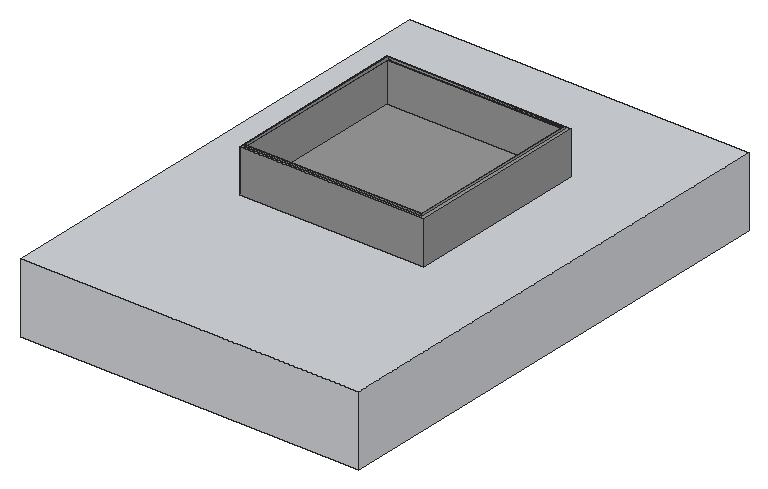
Revit family "Hager-Univers-IP30-D205-H800-Cl.II-Encl-NL-en", category Equipement électrique, Revit 2020
Family settings
  Hôte = Face
  Configuration du panneau = Deux colonnes, circuits au sein
  Cote de connecteur circulaire = Utiliser le diamètre
  Type d'élément = Tableau de raccordement
  Couper avec des vides une fois chargée = Non
  Partagée = Non
  Point de calcul de pièce = Non
Parameters (values of type "Surface mounted (plaster) IP30 W800 H800 D205  - FP53Q1S")
  Width Control [instance] = if([EF000008 - Width] > Min Width, [EF000008 - Width], Min Width)  # 800 mm
  Commentaires du type = [HG000003 - Range]  # "Univers"
  Thickness Door [instance] = if([EF009171 - Material plate thickness door/cover] > 3 mm, 3 mm, [EF009171 - Material plate thickness door/cover])  # 1 mm
  Seal Frame Offset [instance] = 17 mm  # constant formula
  Plinth Visibility [instance] = [HG000027 - Plinth height] > 0 mm  # no
  Model = ""
  Min Width [instance] = 100 mm  # constant formula
  Min Height [instance] = 100 mm  # constant formula
  Min Depth [instance] = (2 * [EF009170 - Material plate thickness cabinet]) + 1 mm  # 3 mm
  Internal Frame Depth [instance] = (Door System Depth * 0.5)  # 9 mm
  Height Control [instance] = if([EF000040 - Height] > Min Height, [EF000040 - Height], Min Height)  # 800 mm
  HG000027 - Plinth height = 0 mm
  HG000026 - Floor standing = no
  HG000024 - Bottom section height = 800 mm
  HG000023 - Double section enclosure = no
  HG000016 - Door 3d visibility [instance] = yes
  HG000015 - Clearance visibility [instance] = no
  HG000014 - Door on the right [instance] = yes
  HG000013 - Door on the left [instance] = not([HG000014 - Door on the right])  # no
  HG000012 - Door swing angle [instance] = 30.00°
  HG000010 - Asymmetric doors = no
  HG000009 - Double swing door = no
  HG000006 - Flush mounted = no
  HG000004 - Manufacturer reference = "FP53Q1S"
  HG000003 - Range = "Univers"
  HG000002 - With door or cover = no
  Frame Offset Bottom [instance] = 10 mm  # constant formula
  Frame Offset [instance] = 15 mm  # constant formula
  EF015940 - Cover with overpressure release = no
  EF011959 - Degree of protection (NEMA) = ""
  EF009554 - Number of openings for flange plates = 6
  EF009212 - Cover model = "EV009916 - With notch"
  EF009171 - Material plate thickness door/cover = 1 mm
  EF009170 - Material plate thickness cabinet = 1 mm
  Fabricant = "Hager"  # constant formula
  EF008873 - Nominal current (In) = 250 A
  EF007800 - Suitable for lightning protection = no
  EF006306 - With lock = no
  EF006244 - Transparent cover/door = no
  EF005474 - Degree of protection (IP) = "EV006410 - IP30"
  EF004464 - Type of door = "EV000494 - None"
  EF004427 - Number of modules = 180
  EF004293 - Impact strength = "EV006813 - IK07"
  EF003532 - Suitable for outdoor use = no
  EF002950 - Width in number of modular spacings = 36
  EF001613 - Circuit integrity = "EV000494 - None"
  EF001596 - Material housing = "EV000179 - Steel"
  EF001131 - Internal depth = 130 mm
  EF001088 - Extension possible = yes
  EF000437 - Number of conduit inlets = 6
  EF000339 - Type of cover = "EV000494 - None"
  EF000266 - Number of rows = 5
  EF000218 - Built-in depth = 0 mm
  EF000118 - With mounting plate = no
  EF000116 - RAL-number = "9010"
  EF000049 - Depth = 205 mm
  EF000040 - Height = 800 mm
  EF000008 - Width = 800 mm
  EF000007 - Colour = "EV000202 - White"
  EF000003 - Mounting method = "EV000384 - Surface mounted (plaster)"
  Door System Leaf Tolerance [instance] = 1.5 mm  # constant formula
  Door System Depth [instance] = 18 mm  # constant formula
  Door Height [instance] = Height Control - [HG000027 - Plinth height]  # 800 mm
  Depth Control [instance] = if([EF000049 - Depth] > Min Depth, [EF000049 - Depth], Min Depth)  # 205 mm
  Default Elevation = 0 mm
  Connector Offset [instance] = Height Control / 2  # 400 mm
  Bottom Top Plate Trim [instance] = 1.5 mm  # constant formula
  Plinth height Ctrl [instance] = if([HG000027 - Plinth height] > 0 mm, [HG000027 - Plinth height], 12 mm)  # 12 mm
Types (5, lengths in mm): name | Width Control | HG000004 - Manufacturer reference | EF009554 - Number of openings for flange plates | EF004427 - Number of modules | EF002950 - Width in number of modular spacings | EF000437 - Number of conduit inlets | EF000008 - Width
  Surface mounted (plaster) IP30 W1050 H800 D205  - FP54Q1S | 1050 | "FP54Q1S" | 8 | 240 | 48 | 8 | 1050
  Surface mounted (plaster) IP30 W1300 H800 D205  - FP55Q1S | 1300 | "FP55Q1S" | 10 | 300 | 60 | 10 | 1300
  Surface mounted (plaster) IP30 W300 H800 D205  - FP51Q1S | 300 | "FP51Q1S" | 2 | 60 | 12 | 2 | 300
  Surface mounted (plaster) IP30 W550 H800 D205  - FP52Q1S | 550 | "FP52Q1S" | 4 | 120 | 24 | 4 | 550
  Surface mounted (plaster) IP30 W800 H800 D205  - FP53Q1S | 800 | "FP53Q1S" | 6 | 180 | 36 | 6 | 800
Reference planes
  plane 1 "Center (Front/Back)": y = 0
  plane 2: z = 0
  plane 3 "Center (Left/Right)": x = 0
  plane 4: z = 205
  plane 5: y = 1
  plane 6: y = 400
  plane 7: y = 0
  plane 8: y = 800
  plane 9: z = 0
  plane 10: x = -385
  plane 11: x = 385
  plane 12: x = 384
  plane 13: x = -384
  plane 14: y = 799
  plane 15: x = -383
  plane 16: x = -400
  plane 17: x = 383
  plane 18: x = 400
  plane 19: x = 399
  plane 20: x = -399
  plane 21: y = 11
  plane 22: y = 800
  plane 23: y = 784
  plane 24: z = 187
  plane 25: z = 1
  plane 26: z = 186
  plane 27: z = 204
Forms (mm)
  Extrusion 1, solid
    sketch origin (0, 0, 0) x (1, 0, 0) y (0, 1, 0)
      loop
        line (-702.964, 1305) -> (-702.964, -811.445) -> (766.763, -811.445) -> (766.763, 1305) -> (-702.964, 1305)
    from 0 to -304.8
  Extrusion 2, solid, material "Hager_Steel_RAL7035_Light_Grey", visible <- "Plinth Visibility", detail levels medium+fine
    sketch origin (0, 0, 0) x (1, 0, 0) y (0, 1, 0)
      loop
        line (-400, 0) -> (400, 0) -> (400, 12) -> (-400, 12) -> (-400, 0)
    from 0 to 187
  Extrusion 3, solid, material "Hager_Steel_RAL7035_Light_Grey", detail levels medium+fine
    sketch origin (0, 0, 0) x (1, 0, 0) y (0, 1, 0)
      loop
        line (-400, 0) -> (400, 0) -> (400, 800) -> (-400, 800) -> (-400, 0)
    from 0 to 187
  Extrusion 4, void
    sketch origin (0, 0, 0) x (1, 0, 0) y (0, 1, 0)
      loop
        line (-399, 1) -> (399, 1) -> (399, 799) -> (-399, 799) -> (-399, 1)
    from 1 to 186
  Extrusion 5, void
    sketch origin (-381.607, -4572, 187) x (0, -1, 0) y (-1, 0, 0)
      loop
        line (-4583, 2.393) -> (-5356, 2.393) -> (-5356, -765.607) -> (-4583, -765.607) -> (-4583, 2.393)
    from 0 to 1 <- "EF009170 - Material plate thickness cabinet"
  Extrusion 6, solid, material "Hager_Steel_RAL7035_Light_Grey", detail levels fine
    sketch origin (0, 0, 187) x (1, 0, 0) y (0, 1, 0)
      loop
        line (-384, 784) -> (-384, 11) -> (384, 11) -> (384, 784) -> (-384, 784)
      loop
        line (-385, 10) -> (385, 10) -> (385, 785) -> (-385, 785) -> (-385, 10)
    from 0 to 9 <- "Internal Frame Depth"
  Extrusion 7, solid, material "Hager_Steel_RAL7035_Light_Grey", detail levels coarse
    sketch origin (0, 0, 0) x (1, 0, 0) y (0, 1, 0)
      loop
        line (-400, 0) -> (400, 0) -> (400, 800) -> (-400, 800) -> (-400, 0)
    from 0 to 205
  Sweep 8, void
    path in 3D
      loop
        line (-400, 12, 0) -> (400, 12, 0) -> (400, 12, 187) -> (-400, 12, 187) -> (-400, 12, 0)
    profile origin (-400, 12, 93.5) x (-1, 0, 0) y (0, -1, 0)
      loop
        line (0, 0) -> (0, 1.5) -> (-1.5, 1.5)
        arc (-1.5, 1.5) -> (-1.061, 0.439) -> (0, 0) r 1.5
Cuts and joins
  Extrusion 4, Extrusion 5 cuts Extrusion 3
  Sweep 8 cuts Extrusion 2
Lines and regions (mm)
  Masking region 1
    outline origin (0, 0, 0) x (1, 0, 0) y (0, 0, 1)
      loop
        line (-400, 205) -> (-400, 0) -> (400, 0) -> (400, 205) -> (-400, 205)
  Masking region 2, detail levels medium+fine
    outline origin (0, 140, 0) x (0, 1, 0) y (0, 0, 1)
      loop
        line (-140, 0) -> (660, 0) -> (660, 187) -> (-140, 187) -> (-140, 0)
  Masking region 3, not visible, detail levels medium+fine
    outline origin (0, 297.922, 0) x (0, 1, 0) y (0, 0, 1)
      loop
        line (113.578, 0) -> (153.578, 0) -> (153.578, 194)
        arc (153.578, 194) -> (150.649, 201.071) -> (143.578, 204) r 10
        line (143.578, 204) -> (113.578, 204) -> (113.578, 0)
  Masking region 4, detail levels coarse
    outline origin (0, 0, 180) x (0, 1, 0) y (0, 0, 1)
      loop
        line (0, -180) -> (800, -180) -> (800, 25) -> (0, 25) -> (0, -180)
  Masking region 5, visible <- "Plinth Visibility", detail levels medium+fine
    outline origin (0, 52.24, 12.345) x (0, 0, -1) y (0, 1, 0)
      loop
        line (10.845, -40.24) -> (-173.155, -40.24)
        arc (-173.155, -40.24) -> (-173.594, -41.301) -> (-174.655, -41.74) r 1.5
        line (-174.655, -41.74) -> (-174.655, -52.24) -> (12.345, -52.24) -> (12.345, -41.74)
        arc (12.345, -41.74) -> (11.285, -41.301) -> (10.845, -40.24) r 1.5
  Masking region 6, detail levels medium+fine
    outline origin (-381.607, -4572, 187) x (-1, 0, 0) y (0, -1, 0)
      loop
        line (18.393, -5372) -> (18.393, -4572) -> (-781.607, -4572) -> (-781.607, -5372) -> (18.393, -5372)
  Masking region 7, visible <- "Plinth Visibility", detail levels medium+fine
    outline origin (-381.607, -4727, 187) x (-1, 0, 0) y (0, -1, 0)
      loop
        arc (16.893, -4739) -> (17.332, -4737.939) -> (18.393, -4737.5) r 1.5
        line (18.393, -4737.5) -> (18.393, -4727) -> (-781.607, -4727) -> (-781.607, -4737.5)
        arc (-781.607, -4737.5) -> (-780.546, -4737.939) -> (-780.107, -4739) r 1.5
        line (-780.107, -4739) -> (16.893, -4739)
  Masking region 8, detail levels coarse
    outline origin (-442.548, -4669.526, 187) x (-1, 0, 0) y (0, -1, 0)
      loop
        line (-42.548, -5469.526) -> (-42.548, -4669.526) -> (-842.548, -4669.526) -> (-842.548, -5469.526) -> (-42.548, -5469.526)
  sketch lines
    curve 1: line (-400, 12, 187) -> (-400, 12, 0)
    curve 2: line (400, 12, 187) -> (-400, 12, 187)
    curve 3: line (400, 12, 187) -> (400, 12, 0)
    curve 4: line (-400, 12, 0) -> (400, 12, 0)
Dimensions and locks
  "Depth Control": plane 4 to Extrusion 1
  "HG000027 - Plinth height": plane 1 "Center (Front/Back)" to plane 7
  "EF009170 - Material plate thickness cabinet": plane 5 to plane 7
  locked: connector elem to plane 3 "Center (Left/Right)"
  equal spacing: plane 8, plane 6, plane 7
  locked: connector elem to plane 6
  "EF009170 - Material plate thickness cabinet": plane 8 to plane 14
  "EF009170 - Material plate thickness cabinet": plane 10 to plane 13
  "EF009170 - Material plate thickness cabinet": plane 12 to plane 11
  "Frame Offset": plane 20 to plane 13
  "Frame Offset": plane 12 to plane 19
  "EF009170 - Material plate thickness cabinet": plane 16 to plane 20
  "EF009170 - Material plate thickness cabinet": plane 19 to plane 18
  "Seal Frame Offset": plane 16 to plane 15
  "Seal Frame Offset": plane 17 to plane 18
  "Frame Offset Bottom": plane 21 to plane 5
  "Frame Offset": plane 14 to plane 23
  equal spacing: plane 16, plane 3 "Center (Left/Right)", plane 18
  "Width Control": plane 16 to plane 18
  "EF009170 - Material plate thickness cabinet": plane 4 to plane 27
  "EF009170 - Material plate thickness cabinet": plane 24 to plane 26
  "EF009170 - Material plate thickness cabinet": plane 25 to level
  "Door System Depth": plane 4 to plane 24
  "Height Control": plane 1 "Center (Front/Back)" to Extrusion 7 sketch curve
  "Height Control": Masking region 4 sketch curve to plane 1 "Center (Front/Back)"
  "Height Control": plane 1 "Center (Front/Back)" to plane 22
  "Bottom Top Plate Trim": profile plane to Sweep 8 sketch curve
  "Bottom Top Plate Trim": Sweep 8 sketch curve to profile plane
  "Plinth height Ctrl": plane 1 "Center (Front/Back)" to Extrusion 2 sketch curve
  "Plinth height Ctrl": Masking region 5 sketch curve to plane 1 "Center (Front/Back)"
  "Plinth height Ctrl": plane 1 "Center (Front/Back)" to Masking region 7 sketch curve
  "Thickness Door": Extrusion 6 sketch curve to Extrusion 6 sketch curve  (x3)
  "Thickness Door": cut or joined group of Extrusion 3, Extrusion 4, Extrusion 5 to Extrusion 6 sketch curve
  radius of Masking region 3 sketch curve = 10 mm
  "Bottom Top Plate Trim": radius of Masking region 5 sketch curve  (x2)
  "Bottom Top Plate Trim": radius of Sweep 8 sketch curve
  "Bottom Top Plate Trim": radius of Masking region 7 sketch curve  (x2)
  aligned and locked: plane 2 to Extrusion 1
  aligned and locked: level to Extrusion 1
  aligned and locked: level to Masking region 1 sketch curve
  aligned and locked: Masking region 1 sketch curve to plane 18
  aligned and locked: Masking region 1 sketch curve to plane 16
  aligned and locked: plane 7 to Masking region 2 sketch curve
  aligned and locked: level to Masking region 3 sketch curve
  aligned and locked: Masking region 3 sketch curve to plane 27
  aligned and locked: level to Masking region 2 sketch curve
  aligned and locked: plane 1 "Center (Front/Back)" to Extrusion 2 sketch curve
  aligned and locked: Extrusion 3 sketch curve to plane 7
  aligned and locked: plane 16 to Extrusion 3 sketch curve
  aligned and locked: plane 18 to Extrusion 3 sketch curve
  aligned and locked: plane 20 to Extrusion 4 sketch curve
  aligned and locked: plane 19 to Extrusion 4 sketch curve
  aligned and locked: Extrusion 4 sketch curve to plane 5
  aligned and locked: Extrusion 4 to plane 25
  aligned and locked: plane 26 to Extrusion 4
  aligned and locked: plane 24 to Extrusion 3
  aligned and locked: Extrusion 5 sketch curve to plane 21
  aligned and locked: Extrusion 5 sketch curve to plane 13
  aligned and locked: Extrusion 5 sketch curve to plane 12
  aligned and locked: plane 18 to Extrusion 7 sketch curve
  aligned and locked: plane 1 "Center (Front/Back)" to Extrusion 7 sketch curve
  aligned and locked: plane 16 to Extrusion 7 sketch curve
  aligned and locked: plane 4 to Extrusion 7
  aligned and locked: Extrusion 7 to level
  aligned and locked: level to Masking region 4 sketch curve
  aligned and locked: Masking region 4 sketch curve to plane 1 "Center (Front/Back)"
  aligned and locked: Masking region 4 sketch curve to plane 4
  aligned and locked: nested 1 to level
  aligned and locked: nested 1 to plane 16
  aligned and locked: plane 8 to Extrusion 3 sketch curve
  aligned and locked: plane 23 to Extrusion 5 sketch curve
  aligned and locked: plane 14 to Extrusion 4 sketch curve
  aligned and locked: Masking region 2 sketch curve to plane 8
  aligned and locked: level to Masking region 5 sketch curve
  aligned and locked: plane 16 to Extrusion 2 sketch curve
  aligned and locked: plane 18 to Extrusion 2 sketch curve
  aligned and locked: Masking region 5 sketch curve to plane 24
  aligned and locked: Masking region 2 sketch curve to plane 24
  aligned and locked: plane 24 to Extrusion 2
  aligned and locked: profile plane to Sweep 8 sketch curve  (x2)
  aligned and locked: Masking region 6 sketch curve to plane 18
  aligned and locked: Masking region 6 sketch curve to plane 22
  aligned and locked: Masking region 6 sketch curve to plane 16
  aligned and locked: plane 8 to plane 22
  aligned and locked: Masking region 6 sketch curve to plane 7
  aligned and locked: Masking region 7 sketch curve to plane 16
  aligned and locked: Masking region 7 sketch curve to plane 1 "Center (Front/Back)"
  aligned and locked: Masking region 7 sketch curve to plane 18
  aligned and locked: Masking region 8 sketch curve to plane 1 "Center (Front/Back)"
  aligned and locked: Masking region 8 sketch curve to plane 18
  aligned and locked: Masking region 8 sketch curve to plane 22
  aligned and locked: Masking region 8 sketch curve to plane 16
  aligned and locked: nested 2 to plane 7
  aligned and locked: plane 3 "Center (Left/Right)" to nested 2
  aligned and locked: nested 2 to plane 24
  aligned and locked: Extrusion 6 sketch curve to cut or joined group of Extrusion 3, Extrusion 4, Extrusion 5  (x4)
Automatic sketch dimensions
  Extrusion 1 sketch curve to Extrusion 1 sketch curve = 1469.727 mm
  Extrusion 1 sketch curve to Extrusion 1 sketch curve = 2116.445 mm
  Masking region 1 sketch curve to plane 4 = 0 mm
  plane 6 to Masking region 3 sketch curve = 11.5 mm
  Masking region 3 sketch curve to Masking region 3 sketch curve = 30 mm
  Masking region 5 sketch curve to plane 1 "Center (Front/Back)" = 0 mm
Nested families
  nested 1: "Hager_Enclosure_Symbol" at (-400, 0, 0) x (1, 0, 0) z (0, -1, 0), Height <- "Depth Control", Width <- "Width Control", type "Hager_Enclosure_Symbol"
    with Width_Ctrl 800 mm, Width 800 mm, Height_Ctrl 205 mm, Height 205 mm, A_Width_Int 13.453 mm, A_Width 161.438 mm, A_Height_Ctrl 179.375 mm, A_Height 179.375 mm
  nested 2: "EC000058_Univers_Door" at (0, 0, 187) x (1, 0, 0) z (0, 1, 0), Leaf_Tolerance <- "Door System Leaf Tolerance", Angle <- "HG000012 - Door swing angle", Door_Depth <- "Door System Depth", Door_Left <- "HG000013 - Door on the left", Transparent <- "EF006244 - Transparent cover/door", Assymetrical <- "HG000010 - Asymmetric doors", Width <- "Width Control", Clearance <- "HG000015 - Clearance visibility", Double <- "HG000009 - Double swing door", 3d_Door <- "HG000016 - Door 3d visibility", Lock_Visibility <- "EF006306 - With lock", Width_Ctrl <- "Width Control", Door_Right <- "HG000014 - Door on the right", Door <- "HG000002 - With door or cover", Height <- "Door Height", Thickness <- "Thickness Door", type "EC000058_Univers_Door", detail levels medium+fine
    with min_wh 3 mm, Width_Ctrl 800 mm, Width 800 mm, Transparent no, Thickness 1 mm, Seal_Material Hager_Rubber, Lock_Visibility no, Lock_Material Hager_Plastic_RAL9005_Jet_Black, Leaf_Width 800 mm, Leaf_Tolerance_External_Sides 0 mm, Leaf_Tolerance 1.5 mm, Leaf_Offset 0 mm, Leaf_Height 797 mm, Leaf_2_Width 800 mm, Leaf_2_Offset 400 mm, Leaf_1_Width 800 mm, Leaf_1_Offset 400 mm, Height_Ctrl 800 mm, Height 800 mm, Glass_Material Hager_Glass, Double_Clearance_Ctrl no, Double no, Door_Right_Ctrl no, Door_Right yes, Door_Material Hager_Steel_RAL7035_Light_Grey, Door_Left_Ctrl no, Door_Left no, Door_Depth 18 mm, Door no, Clearance_Material Hager_Clearance, Clearance_Depth 800 mm, Clearance_Ctrl no, Clearance no, Assymetrical no, Angle 30.00°, 3d_Door yes
Connectors
  electrical at (0, 400, 0)
    settings: on plane 9, index 1, voltage 0 V, apparent load 0 VA, apparent load phase1 0 VA, apparent load phase2 0 VA, apparent load phase3 0 VA, power factor 1, load classification "Other", number of poles 1, system type 30, power factor state 1, is connector primary yes, connector utility no, sub classification motor no, connector description ""
Definition of nested family "Hager_Enclosure_Symbol"
  Parameters (values of type "Hager_Enclosure_Symbol")
    Width_Ctrl [instance] = if(Width > 1 mm, Width, 1 mm)  # 102.27 mm
    Width [instance] = 102.27 mm
    Height_Ctrl [instance] = if(Height > 1 mm, Height, 1 mm)  # 66.5 mm
    A_Width_Int [instance] = if(A_Width / 12 > 2 mm, A_Width / 12, 2 mm)  # 4.364 mm
    A_Width [instance] = if(A_Height_Ctrl * 0.9 > 2 mm, A_Height_Ctrl * 0.9, 2 mm)  # 52.369 mm
    A_Height_Ctrl [instance] = if(A_Height > 2 mm, A_Height, 2 mm)  # 58.188 mm
    Height [instance] = 66.5 mm
    A_Height [instance] = Height - (Height / 8)  # 58.188 mm
  Reference planes
    plane 1 "Centre (avant/arrière)": y = 0
    plane 2: z = 0
    plane 3 "Centre (gauche/droite)": x = 0
    plane 4: x = 52.369
    plane 5: y = 33.042
    plane 6: y = 41.77
    plane 7: y = 66.5
    plane 8: x = 26.184
    plane 9: y = 37.406
    plane 10: x = 102.27
    plane 11: y = 66.5
    plane 12: y = 8.313
  Lines and regions (mm)
    Filled region 1, type "Solid_Black", in view "Niveau de réf."
      outline origin (0, 0, 0) x (1, 0, 0) y (0, 1, 0)
        loop
          line (52.369, 66.5) -> (33.188, 54.536) -> (45.365, 45.006) -> (52.369, 66.5)
    Filled region 2, type "Solid_Black", in view "Niveau de réf."
      outline origin (0, 0, 0) x (1, 0, 0) y (0, 1, 0)
        loop
          line (0, 0) -> (102.27, 0) -> (102.27, 66.5) -> (0, 0)
    detail lines, in view "Niveau de réf."
      curve 1: line (0, 8.313, 0) -> (26.184, 41.77, 0)
      curve 2: line (26.184, 41.77, 0) -> (26.184, 33.042, 0)
      curve 3: line (26.184, 33.042, 0) -> (52.369, 66.5, 0)
  Dimensions and locks
    "A_Width": plane 3 "Centre (gauche/droite)" to plane 4
    equal spacing: plane 3 "Centre (gauche/droite)", plane 8, plane 4
    equal spacing: plane 6, plane 9, plane 5
    equal spacing: curve 3, Filled region 1 sketch curve, Filled region 1 sketch curve
    "Height_Ctrl": plane 1 "Centre (avant/arrière)" to plane 11
    "A_Height_Ctrl": plane 11 to plane 12
    equal spacing: plane 11, plane 9, plane 12
    "A_Width_Int": plane 6 to plane 9
    "Width_Ctrl": plane 3 "Centre (gauche/droite)" to plane 10
    angle Filled region 1 sketch curve to curve 3 = 20.00°
    angle curve 3 to Filled region 1 sketch curve = 20.00°
    locked: curve 3 to Filled region 1 sketch curve (angle 90.00°)
    aligned and locked: plane 10 to Filled region 2
    aligned and locked: plane 11 to Filled region 2 sketch curve
    aligned and locked: plane 10 to Filled region 2 sketch curve
    aligned and locked: plane 3 "Centre (gauche/droite)" to curve 1
    aligned and locked: plane 12 to curve 1
    aligned and locked: plane 7 to plane 11
  Automatic sketch dimensions
    Filled region 1 sketch curve to plane 4 = 0 mm
    Filled region 1 sketch curve to plane 7 = 0 mm
    plane 1 "Centre (avant/arrière)" to Filled region 2 sketch curve = 0 mm
    Filled region 2 sketch curve to plane 3 "Centre (gauche/droite)" = 0 mm
    curve 2 to plane 6 = 0 mm
    curve 2 to plane 8 = 0 mm
    curve 3 to plane 4 = 0 mm
    curve 2 to plane 5 = 0 mm
    curve 3 to plane 7 = 0 mm
Definition of nested family "EC000058_Univers_Door"
  Parameters (values of type "EC000058_Univers_Door")
    min_wh [instance] = (2 * Thickness) + 1 mm  # 11 mm
    Width_Ctrl [instance] = 400 mm
    Width [instance] = 500 mm
    Transparent [instance] = yes
    Thickness [instance] = 5 mm
    Seal_Material [instance] = none
    Lock_Visibility [instance] = yes
    Lock_Material [instance] = none
    Leaf_Width [instance] = if((Width_Ctrl - 2 * Leaf_Tolerance_External_Sides) > 0 mm, (Width_Ctrl - 2 * Leaf_Tolerance_External_Sides), min_wh)  # 400 mm
    Leaf_Tolerance_External_Sides [instance] = 0 mm  # constant formula
    Leaf_Tolerance [instance] = 1.5 mm
    Leaf_Offset [instance] = 0 mm  # constant formula
    Leaf_Height [instance] = if((Height_Ctrl - 2 * Leaf_Tolerance) > 0 mm, (Height_Ctrl - 2 * Leaf_Tolerance), min_wh)  # 497 mm
    Leaf_2_Width [instance] = if(and(and(Double, Assymetrical), Door_Left), (Leaf_Width / 3) - (Leaf_Tolerance / 2), if(and(and(Double, Assymetrical), Door_Right), (Leaf_Width / 3) * 2 - (Leaf_Tolerance / 2), if(and(Double, not(Assymetrical)), (Leaf_Width / 2) - Leaf_Tolerance, Leaf_Width)))  # 400 mm
    Leaf_2_Offset [instance] = if(and(Double, Assymetrical), Leaf_2_Width / 2, if(and(Double, not(Assymetrical)), Leaf_Width / 4, Leaf_Width / 2))  # 200 mm
    Leaf_1_Width [instance] = if(and(and(Double, Assymetrical), Door_Right), (Leaf_Width / 3) - (Leaf_Tolerance / 2), if(and(and(Double, Assymetrical), Door_Left), (Width / 3) * 2 - (Leaf_Tolerance / 2), if(and(Double, not(Assymetrical)), (Leaf_Width / 2) - Leaf_Tolerance, Leaf_Width)))  # 400 mm
    Leaf_1_Offset [instance] = if(and(Double, Assymetrical), Leaf_1_Width / 2, if(and(Double, not(Assymetrical)), Leaf_Width / 4, Leaf_Width / 2))  # 200 mm
    Height_Ctrl [instance] = if(Height > min_wh, Height, min_wh)  # 500 mm
    Height [instance] = 500 mm
    Glass_Material [instance] = none
    Double_Clearance_Ctrl [instance] = and(Double, Clearance)  # no
    Double [instance] = no
    Door_Right_Ctrl [instance] = and(or(Door_Right, Double), Door)  # yes
    Door_Right [instance] = yes
    Door_Material [instance] = none
    Door_Left_Ctrl [instance] = and(or(Door_Left, Double), Door)  # no
    Door_Left [instance] = no
    Door_Depth [instance] = 30 mm
    Door [instance] = yes
    Default Elevation = 1219.2 mm
    Clearance_Material [instance] = none
    Clearance_Depth [instance] = if(Leaf_1_Width > Leaf_2_Width, Leaf_1_Width, Leaf_2_Width)  # 400 mm
    Clearance_Ctrl [instance] = and(not(Double), Clearance)  # yes
    Clearance [instance] = yes
    Assymetrical [instance] = yes
    Angle [instance] = 30.00°
    3d_Door [instance] = yes
  Reference planes
    plane 1 "Center (Front/Back)": y = 0
    plane 2 "Bottom": z = 0
    plane 3 "Center (Left/Right)": x = 0
    plane 4: z = 500
    plane 5: x = -200
    plane 6: x = 200
    plane 7: z = 500
    plane 8: x = -200
    plane 9: z = 0
    plane 10: x = 200
    plane 11: y = 0
    plane 12: z = 1.5
    plane 13: x = -600
    plane 14: y = -400
    plane 15: x = 600
    plane 16: x = 0
    plane 17: x = 0
    plane 18: x = -200
    plane 19: x = 200
    plane 20: z = 498.5
  Forms (mm)
    Extrusion 1, solid, material <- "Clearance_Material", visible <- "Double_Clearance_Ctrl"
      sketch origin (1200, 0, 0) x (1, 0, 0) y (0, 0, -1)
        loop
          line (-1800, -498.5) -> (-600, -498.5) -> (-600, 0) -> (-1800, 0) -> (-1800, -498.5)
      from 0 to -400
  Dimensions and locks
    equal spacing: plane 5, plane 3 "Center (Left/Right)", plane 6
    "Width_Ctrl": plane 5 to plane 6
    "Leaf_Offset": plane 5 to plane 8
    "Leaf_Offset": plane 6 to plane 10
    "Leaf_Offset": plane 9 to level
    "Leaf_Offset": plane 4 to plane 7
    "Height_Ctrl": plane 4 to level
    "Leaf_Tolerance": plane 12 to plane 9
    locked: plane 11 to plane 1 "Center (Front/Back)"
    "Leaf_1_Offset": plane 18 to plane 16
    "Leaf_2_Offset": plane 17 to plane 19
    "Leaf_1_Width": plane 13 to plane 8
    "Leaf_2_Width": plane 10 to plane 15
    "Clearance_Depth": plane 14 to plane 1 "Center (Front/Back)"
    "Leaf_Tolerance_External_Sides": plane 8 to plane 18
    "Leaf_Tolerance_External_Sides": plane 19 to plane 10
    "Leaf_Tolerance": plane 7 to plane 20
    aligned and locked: level to plane 2 "Bottom"
    aligned and locked: nested 1 to plane 16
    aligned and locked: nested 2 to plane 17
    aligned and locked: Extrusion 1 to plane 13
    aligned and locked: plane 15 to Extrusion 1
    aligned and locked: Extrusion 1 to plane 14
    aligned and locked: plane 12 to nested 1
    aligned and locked: nested 2 to plane 12
    aligned and locked: Extrusion 1 to plane 11
    aligned and locked: plane 20 to Extrusion 1
    aligned and locked: nested 2 to plane 11
    aligned and locked: nested 1 to plane 11
  Automatic sketch dimensions
    Extrusion 1 sketch curve to level = 0 mm
    plane 5 to Extrusion 1 sketch curve = 400 mm
    plane 6 to Extrusion 1 sketch curve = 400 mm
    Extrusion 1 sketch curve to plane 4 = 1.5 mm
  Nested families
    nested 1: "EC000058_Univers_Door_Leaf" at (0, 0, 1.5), Width <- "Leaf_1_Width", visible <- "Door_Left_Ctrl", Leaf_Height <- "Leaf_Height", Angle <- "Angle", 3d_Door <- "3d_Door", Transparent <- "Transparent", Clearance Material <- "Clearance_Material", Clearance <- "Clearance_Ctrl", Door_Material <- "Door_Material", Glass_Material <- "Glass_Material", Door_Depth <- "Door_Depth", Lock_Material <- "Lock_Material", Seal_Material <- "Seal_Material", Lock_Visibility <- "Lock_Visibility", Thickness <- "Thickness", type "EC000058_Univers_Door_Leaf"
      with Width 400 mm, Transparent_Glass_Offset 30 mm, Transparent_Ctrl yes, Transparent yes, Thickness 5 mm, Standard no, Seal_Material none, Seal_D2 8 mm, Seal_D1 1 mm, Offset_Internal_Frame 10 mm, Lock_Width 20 mm, Lock_Visibility_3d yes, Lock_Visibility yes, Lock_Thickness_3 3 mm, Lock_Thickness_2 1 mm, Lock_Thickness_1 3 mm, Lock_Radius_Offset_2 16 mm, Lock_Radius_Offset_1 15 mm, Lock_Radius_2 5 mm, Lock_Radius 6 mm, Lock_Offset 5 mm, Lock_Material none, Lock_Height 80 mm, Lock_Cover_Top_Offset_2d 17 mm, Lock_Cover_Height -65 mm, Leaf_Height 497 mm, Internal_Seal_Thickness 8 mm, Internal_Seal_Depth_2 4.5 mm, Internal_Frame_Depth 25 mm, Glass_Thickness -1 mm, Glass_Offset -2 mm, Glass_Material none, Door_Material none, Door_Depth 30 mm, Clearance Material none, Clearance yes, Angle_Ctrl 30.00°, Angle 30.00°, 3d_Door yes
    nested 2: "EC000058_Univers_Door_Leaf" at (0, 0, 1.5) x (-1, 0, 0) z (0, 0, 1), Width <- "Leaf_2_Width", visible <- "Door_Right_Ctrl", Leaf_Height <- "Leaf_Height", Angle <- "Angle", 3d_Door <- "3d_Door", Transparent <- "Transparent", Clearance Material <- "Clearance_Material", Clearance <- "Clearance_Ctrl", Door_Material <- "Door_Material", Glass_Material <- "Glass_Material", Door_Depth <- "Door_Depth", Lock_Material <- "Lock_Material", Seal_Material <- "Seal_Material", Lock_Visibility <- "Lock_Visibility", Thickness <- "Thickness", type "EC000058_Univers_Door_Leaf"
      with Width 400 mm, Transparent_Glass_Offset 30 mm, Transparent_Ctrl yes, Transparent yes, Thickness 5 mm, Standard no, Seal_Material none, Seal_D2 8 mm, Seal_D1 1 mm, Offset_Internal_Frame 10 mm, Lock_Width 20 mm, Lock_Visibility_3d yes, Lock_Visibility yes, Lock_Thickness_3 3 mm, Lock_Thickness_2 1 mm, Lock_Thickness_1 3 mm, Lock_Radius_Offset_2 16 mm, Lock_Radius_Offset_1 15 mm, Lock_Radius_2 5 mm, Lock_Radius 6 mm, Lock_Offset 5 mm, Lock_Material none, Lock_Height 80 mm, Lock_Cover_Top_Offset_2d 17 mm, Lock_Cover_Height -65 mm, Leaf_Height 497 mm, Internal_Seal_Thickness 8 mm, Internal_Seal_Depth_2 4.5 mm, Internal_Frame_Depth 25 mm, Glass_Thickness -1 mm, Glass_Offset -2 mm, Glass_Material none, Door_Material none, Door_Depth 30 mm, Clearance Material none, Clearance yes, Angle_Ctrl 30.00°, Angle 30.00°, 3d_Door yes
  Definition of nested family "EC000058_Univers_Door_Leaf"
    Parameters (values of type "EC000058_Univers_Door_Leaf")
      Width [instance] = 2000 mm
      Transparent_Glass_Offset [instance] = 30 mm
      Transparent_Ctrl [instance] = and(Transparent, [3d_Door])  # yes
      Transparent [instance] = yes
      Thickness [instance] = 5 mm
      Standard [instance] = and(not(Transparent), [3d_Door])  # no
      Seal_Material [instance] = none
      Seal_D2 [instance] = 8 mm  # constant formula
      Seal_D1 [instance] = 1 mm  # constant formula
      Offset_Internal_Frame [instance] = 10 mm  # constant formula
      Lock_Width [instance] = 20 mm  # constant formula
      Lock_Visibility_3d [instance] = and(Lock_Visibility, [3d_Door])  # yes
      Lock_Visibility [instance] = yes
      Lock_Thickness_3 [instance] = 3 mm  # constant formula
      Lock_Thickness_2 [instance] = 1 mm  # constant formula
      Lock_Thickness_1 [instance] = 3 mm  # constant formula
      Lock_Radius_Offset_2 [instance] = Lock_Radius_Offset_1 + 1 mm  # 16 mm
      Lock_Radius_Offset_1 [instance] = 15 mm  # constant formula
      Lock_Radius_2 [instance] = Lock_Radius - 1 mm  # 5 mm
      Lock_Radius [instance] = 6 mm  # constant formula
      Lock_Offset [instance] = 5 mm  # constant formula
      Lock_Material [instance] = none
      Lock_Height [instance] = 80 mm  # constant formula
      Lock_Cover_Top_Offset_2d [instance] = Lock_Radius_Offset_2 + 1 mm  # 17 mm
      Lock_Cover_Height [instance] = -(Lock_Height - Lock_Radius_Offset_1)  # -65 mm
      Leaf_Height [instance] = 2720.336 mm
      Internal_Seal_Thickness [instance] = 8 mm  # constant formula
      Internal_Seal_Depth_2 [instance] = 4.5 mm  # constant formula
      Internal_Frame_Depth [instance] = if(Door_Depth - Thickness > 5 mm, Door_Depth - Thickness, 5 mm)  # 25 mm
      Glass_Thickness [instance] = if(Thickness > 15 mm, Glass_Offset + 10 mm, -1 mm)  # -1 mm
      Glass_Offset [instance] = if(Thickness > 15 mm, -(Thickness + 10 mm) / 2, -2 mm)  # -2 mm
      Glass_Material [instance] = none
      Door_Material [instance] = none
      Door_Depth [instance] = 30 mm
      Default Elevation = 0 mm
      Clearance Material [instance] = none
      Clearance [instance] = yes
      Angle_Ctrl [instance] = if(Angle > 180.00°, 180.00°, Angle)  # 90.00°
      Angle [instance] = 90.00°
      3d_Door [instance] = yes
    Reference planes
      plane 1 "Center (Front/Back)": y = 0
      plane 2: z = 0
      plane 3 "Center (Left/Right)": x = 0
      plane 4: y = 2000
      plane 5: x = -1000
      plane 6: x = 1000
      plane 7: x = -3000
      plane 8: z = 2720.336
      plane 9: z = 30
      plane 10: z = 2690.336
      plane 11: x = 970
      plane 12: x = -970
      plane 13: y = -3
      plane 14: z = 107.833
      plane 15: y = -5
      plane 16: y = -223.314
      plane 17: x = -1000
      plane 18: z = 1360.168
      plane 19: y = 30
    Forms (mm)
      Extrusion 1, solid, material <- "Clearance Material", visible <- "Clearance"
        sketch origin (0, 0, 0) x (1, 0, 0) y (0, 0, 1)
          loop
            line (-3000, 2720.336) -> (-3000, 0) -> (1000, 0) -> (1000, 2720.336) -> (-3000, 2720.336)
        from 0 to -2000
      Extrusion 2, solid, material <- "Door_Material", visible <- "Standard", detail levels medium+fine
        sketch origin (-1000, 0, 0) x (0, 1, 0) y (-1, 0, 0)
          loop
            line (0, 30) -> (0, 25) -> (2000, 25) -> (2000, 30) -> (0, 30)
        from 0 to 2720.336 <- "Leaf_Height"
      Extrusion 3, solid, material <- "Door_Material", visible <- "Transparent_Ctrl", detail levels medium+fine
        sketch origin (-1000, 0, 0) x (0, 1, 0) y (-1, 0, 0)
          loop
            line (0, 25) -> (2000, 25) -> (2000, 30) -> (0, 30) -> (0, 25)
        from 0 to 2720.336 <- "Leaf_Height"
      Extrusion 4, void
        sketch origin (-1025, 2000, 0) x (0, 1, 0) y (0, 0, -1)
          loop
            line (-30, -2690.336) -> (-30, -30) -> (-1970, -30) -> (-1970, -2690.336) -> (-30, -2690.336)
        from 0 to 5 <- "Thickness"
      Sweep 5, solid, material <- "Seal_Material", visible <- "Transparent_Ctrl", detail levels fine
        path in 3D
          loop
            line (-1025, 30, 30) -> (-1025, 30, 2690.336) -> (-1025, 1970, 2690.336) -> (-1025, 1970, 30) -> (-1025, 30, 30)
        profile origin (-1025, 1000, 30) x (1, 0, 0) y (0, 0, 1)
          loop
            line (0, 0) -> (0, -8) -> (1, -8) -> (1, 0) -> (0, 0)
      Extrusion 6, solid, material <- "Glass_Material", visible <- "Transparent_Ctrl", detail levels medium+fine
        sketch origin (-1030, 0, 0) x (0, 1, 0) y (0, 0, -1)
          loop
            line (1970, -2690.336) -> (1970, -30) -> (30, -30) -> (30, -2690.336) -> (1970, -2690.336)
        from -2 <- "Glass_Offset" to -1 <- "Glass_Thickness"
      Extrusion 7, solid, material <- "Door_Material", visible <- "3d_Door", detail levels medium+fine
        sketch origin (-1025, 2000, 0) x (0, -1, 0) y (0, 0, -1)
          loop
            line (0, -2720.336) -> (2000, -2720.336) -> (2000, 0) -> (0, 0) -> (0, -2720.336)
          loop
            line (1995, -5) -> (5, -5) -> (5, -2715.336) -> (1995, -2715.336) -> (1995, -5)
        from 0 to 25 <- "Internal_Frame_Depth"
      Sweep 8, solid, material <- "Seal_Material", visible <- "Transparent_Ctrl", detail levels fine
        path in 3D
          loop
            line (-1025, 0, 0) -> (-1025, 2000, 0) -> (-1025, 2000, 2720.336) -> (-1025, 0, 2720.336) -> (-1025, 0, 0)
        profile origin (-1025, 0, 1360.168) x (1, 0, 0) y (0, 1, 0)
          loop
            line (0, 10) -> (2.975, 10)
            arc (2.975, 10) -> (4.053, 10.447) -> (4.5, 11.525) r 1.525
            line (4.5, 11.525) -> (4.5, 16.527)
            arc (4.5, 16.527) -> (4.069, 17.569) -> (3.027, 18) r 1.473
            line (3.027, 18) -> (0, 18) -> (0, 10)
      Extrusion 9, solid, material <- "Lock_Material", visible <- "Lock_Visibility_3d", detail levels fine
        sketch origin (-1030, 0, 0) x (0, 1, 0) y (0, 0, -1)
          loop
            arc (1993.5, -1400.168) -> (1994.561, -1399.729) -> (1995, -1398.668) r 1.5
            line (1995, -1398.668) -> (1995, -1320.168) -> (1975, -1320.168) -> (1975, -1398.668)
            arc (1975, -1398.668) -> (1975.439, -1399.729) -> (1976.5, -1400.168) r 1.5
            line (1976.5, -1400.168) -> (1993.5, -1400.168)
        from 3 <- "Lock_Thickness_1" to 0
      Blend 10, solid, material <- "Lock_Material", visible <- "Lock_Visibility_3d", detail levels fine
        base sketch origin (-1033, 0, 0) x (0, 1, 0) y (0, 0, -1)
          loop
            line (1975, -1320.168) -> (1975, -1398.668)
            arc (1975, -1398.668) -> (1975.439, -1399.729) -> (1976.5, -1400.168) r 1.5
            line (1976.5, -1400.168) -> (1993.5, -1400.168)
            arc (1993.5, -1400.168) -> (1994.561, -1399.729) -> (1995, -1398.668) r 1.5
            line (1995, -1398.668) -> (1995, -1320.168) -> (1975, -1320.168)
        top sketch origin (-1033, 0, 0) x (0, 1, 0) y (0, 0, -1)
          loop
            line (1976, -1320.168) -> (1976, -1398.668)
            arc (1976, -1398.668) -> (1976.146, -1399.022) -> (1976.5, -1399.168) r 0.5
            line (1976.5, -1399.168) -> (1993.5, -1399.168)
            arc (1993.5, -1399.168) -> (1993.854, -1399.022) -> (1994, -1398.668) r 0.5
            line (1994, -1398.668) -> (1994, -1320.168) -> (1976, -1320.168)
        from 0 to 1 <- "Lock_Thickness_2"
      Blend 11, solid, material <- "Lock_Material", visible <- "Lock_Visibility_3d", detail levels fine
        base sketch origin (-1034, 0, 0) x (0, 1, 0) y (0, 0, -1)
          loop
            line (1978, -1320.168) -> (1978, -1384.168)
            arc (1978, -1384.168) -> (1985, -1391.168) -> (1992, -1384.168) r 7
            line (1992, -1384.168) -> (1992, -1320.168) -> (1978, -1320.168)
        top sketch origin (-1034, 0, 0) x (0, 1, 0) y (0, 0, -1)
          loop
            line (1991, -1320.168) -> (1979, -1320.168) -> (1979, -1383.168)
            arc (1979, -1383.168) -> (1985, -1389.168) -> (1991, -1383.168) r 6
            line (1991, -1383.168) -> (1991, -1320.168)
        from 0 to 3 <- "Lock_Thickness_3"
      Extrusion 12, solid, material <- "Lock_Material", visible <- "Lock_Visibility_3d", detail levels fine
        sketch origin (-1030, 1975, 1320.168) x (1, 0, 0) y (0, -1, 0)
          loop
            line (-7, -19) -> (-7, -1) -> (0, -1) -> (0, 0) -> (-8, 0) -> (-8, -20) -> (0, -20) -> (0, -19) -> (-7, -19)
        from 0 to -65 <- "Lock_Cover_Height"
      Extrusion 13, void
        sketch origin (-1038, 1995, 1320.168) x (-1, 0, 0) y (0, 0, -1)
          loop
            line (-5, -65) -> (0, -65) -> (-5, -60) -> (-5, -65)
        from 0 to 20 <- "Lock_Width"
      Extrusion 14, void
        sketch origin (-1038, 1975, 1320.168) x (0, -1, 0) y (0, 0, -1)
          loop
            circle (-10, -15.995) r 6
          loop
            circle (-10, -15.995) r 5
        from 0 to 2
      Extrusion 15, solid, material <- "Lock_Material", visible <- "Lock_Visibility_3d", detail levels medium
        sketch origin (-1030, 0, 0) x (0, 1, 0) y (0, 0, -1)
          loop
            arc (1993.5, -1400.168) -> (1994.561, -1399.729) -> (1995, -1398.668) r 1.5
            line (1995, -1398.668) -> (1995, -1320.168) -> (1975, -1320.168) -> (1975, -1398.668)
            arc (1975, -1398.668) -> (1975.439, -1399.729) -> (1976.5, -1400.168) r 1.5
            line (1976.5, -1400.168) -> (1993.5, -1400.168)
        from 8 to 0
    Cuts and joins
      Extrusion 4 cuts Extrusion 3
      Extrusion 13, Extrusion 14 cuts Extrusion 9
      Extrusion 14 cuts Blend 11
      Extrusion 13, Extrusion 14 cuts Extrusion 12
      joined: Extrusion 9, Blend 10, Blend 11, Extrusion 12
      Extrusion 14 cuts Extrusion 15
    Lines and regions (mm)
      Masking region 1, visible <- "Lock_Visibility", detail levels fine
        outline origin (0, 0, 0) x (0, 1, 0) y (0, 0, 1)
          loop
            line (30, 1320.168) -> (33, 1320.168) -> (33, 1400.168) -> (30, 1400.168) -> (30, 1320.168)
      Masking region 2, visible <- "Lock_Visibility", detail levels fine
        outline origin (0, 3.143, 0) x (0, 1, 0) y (0, 0, 1)
          loop
            line (29.857, 1354.168) -> (30.857, 1354.168) -> (30.857, 1366.168) -> (29.857, 1366.168) -> (29.857, 1354.168)
      Masking region 3, detail levels medium+fine
        outline origin (0, 0, 0) x (0, 1, 0) y (0, 0, 1)
          loop
            line (0, 0) -> (30, 0) -> (30, 2720.336) -> (0, 2720.336) -> (0, 0)
      Masking region 4, detail levels medium+fine
        outline origin (0, 0, 0) x (1, 0, 0) y (0, 0, 1)
          loop
            line (-1000, 2720.336) -> (-1000, 0) -> (1000, 0) -> (1000, 2720.336) -> (-1000, 2720.336)
      Masking region 5, visible <- "Lock_Visibility", detail levels fine
        outline origin (-47.116, 0, 0) x (1, 0, 0) y (0, 0, 1)
          loop
            arc (1024.616, 1399.168) -> (1023.556, 1398.729) -> (1023.116, 1397.668) r 1.5
            line (1023.116, 1397.668) -> (1023.116, 1320.168) -> (1041.116, 1320.168) -> (1041.116, 1397.668)
            arc (1041.116, 1397.668) -> (1040.677, 1398.729) -> (1039.616, 1399.168) r 1.5
            line (1039.616, 1399.168) -> (1024.616, 1399.168)
      Masking region 6, visible <- "Lock_Visibility", detail levels medium+fine
        outline origin (-25, 0, 0) x (1, 0, 0) y (0, 0, 1)
          loop
            arc (1001.5, 1400.168) -> (1000.439, 1399.729) -> (1000, 1398.668) r 1.5
            line (1000, 1398.668) -> (1000, 1320.168) -> (1020, 1320.168) -> (1020, 1398.668)
            arc (1020, 1398.668) -> (1019.561, 1399.729) -> (1018.5, 1400.168) r 1.5
            line (1018.5, 1400.168) -> (1001.5, 1400.168)
      Masking region 7, visible <- "Lock_Visibility", detail levels fine
        outline origin (-73.735, 0, 0) x (1, 0, 0) y (0, 0, 1)
          loop
            line (1051.735, 1382.168) -> (1065.735, 1382.168) -> (1065.735, 1384.168)
            arc (1065.735, 1384.168) -> (1058.735, 1391.168) -> (1051.735, 1384.168) r 7
            line (1051.735, 1384.168) -> (1051.735, 1382.168)
      Masking region 8, visible <- "Lock_Visibility", detail levels fine
        outline origin (-73.735, 0, 0) x (1, 0, 0) y (0, 0, 1)
          loop
            line (1052.735, 1382.168) -> (1064.735, 1382.168) -> (1064.735, 1383.168)
            arc (1064.735, 1383.168) -> (1058.735, 1389.168) -> (1052.735, 1383.168) r 6
            line (1052.735, 1383.168) -> (1052.735, 1382.168)
      Masking region 9, visible <- "Lock_Visibility", detail levels fine
        outline origin (-25, 0, 0) x (1, 0, 0) y (0, 0, 1)
          loop
            line (1020, 1320.168) -> (1020, 1382.168) -> (1000, 1382.168) -> (1000, 1320.168) -> (1020, 1320.168)
      Masking region 10, detail levels medium+fine
        outline origin (0, 0, 0) x (1, 0, 0) y (0, 0, 1)
          loop
            circle (985, 1335.144) r 6
      Masking region 11, detail levels fine
        outline origin (0, 0, 0) x (1, 0, 0) y (0, 0, 1)
          loop
            circle (985, 1335.144) r 5
      Masking region 12, visible <- "Lock_Visibility", detail levels fine
        outline origin (0, 12.767, 0) x (0, 1, 0) y (0, 0, 1)
          loop
            line (20.233, 1320.168) -> (21.233, 1320.168) -> (21.233, 1399.168) -> (20.233, 1400.168) -> (20.233, 1320.168)
      Masking region 13, visible <- "Lock_Visibility", detail levels fine
        outline origin (0, 13.767, -10) x (0, 1, 0) y (0, 0, 1)
          loop
            line (20.233, 1330.168) -> (23.233, 1330.168) -> (23.233, 1399.168) -> (20.233, 1402.168) -> (20.233, 1330.168)
      Masking region 14, visible <- "Lock_Visibility", detail levels fine
        outline origin (0, 12.767, -10) x (0, 1, 0) y (0, 0, 1)
          loop
            line (20.233, 1330.168) -> (25.233, 1330.168) -> (25.233, 1399.305) -> (20.233, 1394.305) -> (20.233, 1330.168)
      Masking region 15, visible <- "Lock_Visibility", detail levels medium
        outline origin (0, 0, 0) x (0, 1, 0) y (0, 0, 1)
          loop
            line (30, 1320.168) -> (38, 1320.168) -> (38, 1400.168) -> (30, 1400.168) -> (30, 1320.168)
      Masking region 16, visible <- "Lock_Visibility", detail levels fine
        outline origin (-1000, 0, 0) x (0, 1, 0) y (-1, 0, 0)
          loop
            line (1975, 30) -> (1995, 30) -> (1995, 38) -> (1975, 38) -> (1975, 30)
          loop
            line (1979, 37) -> (1976, 37) -> (1976, 34) -> (1978, 34) -> (1979, 37)
          loop
            line (1994, 37) -> (1991, 37) -> (1992, 34) -> (1994, 34) -> (1994, 37)
      Masking region 17, visible <- "Lock_Visibility", detail levels medium
        outline origin (-1000, 0, 0) x (0, 1, 0) y (-1, 0, 0)
          loop
            line (1975, 30) -> (1995, 30) -> (1995, 38) -> (1975, 38) -> (1975, 30)
      symbolic lines
        curve 1: line (1000, 0, 0) -> (-3000, 0, 0)
        curve 2: arc (1000, 0, 0) -> (-1000, 2000, 0) -> (-3000, 0, 0) r 2000
        curve 4: line (-1030, 0, 0) -> (-1030, 2000, 0)
      reference lines
        curve 3: line (-1000, 0, 0) -> (-1000, 2000, 0)
      symbolic lines, detail levels medium+fine
        curve 5: line (-1030, 2000, 0) -> (-1025, 2000, 0)
        curve 7: line (-1025, 0, 0) -> (-1030, 0, 0)
        curve 8: line (-1025, 0, 0) -> (-1000, 0, 0)
        curve 9: line (-1000, 0, 0) -> (-1000, 2000, 0)
        curve 10: line (-1000, 2000, 0) -> (-1025, 2000, 0)
      symbolic lines, detail levels fine
        curve 6: line (-1025, 2000, 0) -> (-1025, 0, 0)
      sketch lines
        curve 11: line (-1025, 0, 2720.336) -> (-1025, 0, 0)
        curve 12: line (-1025, 2000, 0) -> (-1025, 0, 0)
        curve 13: line (-1025, 2000, 2720.336) -> (-1025, 2000, 0)
        curve 14: line (-1025, 0, 2720.336) -> (-1025, 2000, 2720.336)
        curve 15: line (-1025, 1970, 30) -> (-1025, 30, 30)
        curve 16: line (-1025, 30, 30) -> (-1025, 30, 2690.336)
        curve 17: line (-1025, 1970, 2690.336) -> (-1025, 1970, 30)
        curve 18: line (-1025, 30, 2690.336) -> (-1025, 1970, 2690.336)
      symbolic lines, visible <- "Transparent", detail levels medium+fine
        curve 19: line (-970, 0, 2690.336) -> (970, 0, 2690.336)
        curve 20: line (-970, 0, 30) -> (-970, 0, 2690.336)
        curve 21: line (970, 0, 30) -> (-970, 0, 30)
        curve 22: line (970, 0, 2690.336) -> (970, 0, 30)
    Dimensions and locks
      "Width": plane 1 "Center (Front/Back)" to plane 4
      equal spacing: plane 5, plane 3 "Center (Left/Right)", plane 6
      "Width": plane 5 to plane 6
      "Width": plane 7 to plane 5
      "Leaf_Height": plane 8 to level
      "Width": curve 5 to curve 3
      "Width": curve 3 to curve 3
      plane 8 to plane 10 = 30 mm
      plane 9 to level = 30 mm
      plane 12 to plane 5 = 30 mm
      plane 6 to plane 11 = 30 mm
      Extrusion 1 to Extrusion 4 sketch curve = 30 mm
      "Transparent_Glass_Offset": curve 3 to Extrusion 4 sketch curve
      "Transparent_Glass_Offset": Extrusion 4 sketch curve to cut or joined group of Extrusion 3, Extrusion 4  (x2)
      cut or joined group of Extrusion 3, Extrusion 4 to Extrusion 6 sketch curve = 30 mm
      "Transparent_Glass_Offset": cut or joined group of Extrusion 3, Extrusion 4 to Extrusion 4 sketch curve
      "Thickness": curve 6 to curve 4
      "Thickness": Extrusion 7 sketch curve to Extrusion 7 sketch curve  (x4)
      "Door_Depth": curve 4 to curve 3
      "Offset_Internal_Frame": profile plane to Sweep 8 sketch curve
      "Internal_Seal_Thickness": Sweep 8 sketch curve to Sweep 8 sketch curve
      "Internal_Seal_Depth_2": profile plane to Sweep 8 sketch curve
      "Seal_D1": profile plane to Sweep 5 sketch curve
      "Seal_D2": profile plane to Sweep 5 sketch curve
      "Thickness": Extrusion 2 sketch curve to Extrusion 2 sketch curve
      equal spacing: Extrusion 9 sketch curve, plane 18, Extrusion 9 sketch curve  (x2)
      equal spacing: Masking region 1 sketch curve, plane 18, Masking region 1 sketch curve
      "Lock_Height": Masking region 1 sketch curve to Masking region 1 sketch curve
      "Lock_Radius": Masking region 2 sketch curve to plane 18 to Masking region 2 sketch curve
      Masking region 2 sketch curve to Masking region 1 = 1 mm
      "Door_Depth": plane 19 to plane 1 "Center (Front/Back)"
      "Lock_Thickness_1": Masking region 1 sketch curve to plane 19
      "Lock_Width": Extrusion 9 sketch curve to Extrusion 9 sketch curve
      "Lock_Height": Extrusion 9 sketch curve to Extrusion 9 sketch curve
      "Lock_Offset": cut or joined group of Extrusion 3, Extrusion 4 to Extrusion 9 sketch curve
      equal spacing: plane 8, plane 18, level
      "Lock_Radius_Offset_1": Blend 11 sketch curve to Blend 10
      locked: Blend 10 to Blend 11 sketch curve at 2  (x2)
      locked: var sketch to Blend 11 sketch curve at 1  (x2)
      "Lock_Radius_Offset_2": Blend 11 sketch curve to Blend 10
      locked: Extrusion 12 sketch curve to Extrusion 12 sketch curve at 1  (x3)
      Masking region 6 sketch curve to Masking region 6 sketch curve = 80 mm
      "Lock_Height": Masking region 6 sketch curve to Masking region 6 sketch curve
      "Lock_Width": Masking region 6 sketch curve to Masking region 6 sketch curve
      locked: Masking region 6 to Masking region 5 sketch curve at 1  (x3)
      locked: Masking region 5 to Masking region 7 sketch curve at 2  (x2)
      "Lock_Radius_Offset_1": Masking region 5 to Masking region 7 sketch curve
      "Lock_Radius_Offset_2": Masking region 5 to Masking region 8 sketch curve
      locked: Masking region 7 to Masking region 8 sketch curve at 1  (x2)
      "Lock_Cover_Top_Offset_2d": Masking region 5 to Masking region 9 sketch curve
      equal spacing: Masking region 9, Masking region 10 sketch curve, Masking region 9
      equal spacing: Masking region 9, Masking region 11 sketch curve, Masking region 9
      Extrusion 15 sketch curve to Extrusion 15 sketch curve = 80 mm
      "Lock_Width": Extrusion 15 sketch curve to Extrusion 15 sketch curve
      "Lock_Height": Extrusion 15 sketch curve to Extrusion 15 sketch curve
      equal spacing: Extrusion 15 sketch curve, plane 18, Extrusion 15 sketch curve
      "Lock_Thickness_3": Masking region 13 sketch curve to Masking region 13 sketch curve
      "Lock_Height": Masking region 12 sketch curve to Masking region 12 sketch curve
      locked: Masking region 13 sketch curve to Masking region 1 at 8
      locked: Masking region 14 sketch curve to Masking region 13 at 1
      locked: Masking region 14 sketch curve to Masking region 1 at 10.863
      "Lock_Height": Masking region 15 sketch curve to Masking region 15 sketch curve
      "Lock_Offset": Extrusion 15 sketch curve to cut or joined group of Extrusion 3, Extrusion 4
      "Lock_Offset": plane 6 to Masking region 6 sketch curve
      radius of Sweep 8 sketch curve = 1.525 mm
      radius of Sweep 8 sketch curve = 1.473 mm
      radius of Extrusion 9 sketch curve = 1.5 mm  (x2)
      "Lock_Radius": radius of Extrusion 14 sketch curve
      "Lock_Radius_2": radius of Extrusion 14 sketch curve
      "Lock_Radius": radius of Masking region 10 sketch curve
      "Lock_Radius_2": radius of Masking region 11 sketch curve
      radius of Extrusion 15 sketch curve = 1.5 mm  (x2)
      "Angle_Ctrl": angle plane 1 "Center (Front/Back)" to curve 3
      locked: Masking region 12 sketch curve to Masking region 12 sketch curve (angle 45.00°)
      locked: Masking region 13 sketch curve to Masking region 13 sketch curve (angle 45.00°)
      locked: Masking region 14 sketch curve to Masking region 14 sketch curve (angle 45.00°)
      aligned and locked: level to plane 2
      aligned and locked: Extrusion 1 to curve 1
      aligned and locked: plane 6 to Extrusion 1
      aligned and locked: Extrusion 1 to plane 1 "Center (Front/Back)"
      aligned and locked: plane 4 to Extrusion 1
      aligned and locked: plane 8 to Extrusion 1
      aligned and locked: curve 7 to Extrusion 2 sketch curve
      aligned and locked: curve 5 to Extrusion 2 sketch curve
      aligned and locked: curve 7 to Extrusion 3 sketch curve
      aligned and locked: Extrusion 3 sketch curve to curve 4
      aligned and locked: Extrusion 3 sketch curve to curve 6
      aligned and locked: Extrusion 3 sketch curve to curve 5
      aligned and locked: curve 9 to curve 3
      aligned and locked: Extrusion 7 sketch curve to cut or joined group of Extrusion 3, Extrusion 4  (x4)
      aligned and locked: plane 17 to curve 3
      aligned and locked: plane 1 "Center (Front/Back)" to curve 3
      aligned and locked: plane 17 to plane 5
      aligned and locked: Sweep 8 sketch curve to profile plane
      aligned and locked: Sweep 5 sketch curve to profile plane  (x2)
      aligned and locked: Masking region 1 to Masking region 2 sketch curve
      aligned and locked: plane 19 to Masking region 1 sketch curve
      aligned and locked: plane 1 "Center (Front/Back)" to Masking region 3 sketch curve
      aligned and locked: plane 19 to Masking region 3 sketch curve
      aligned and locked: level to Masking region 3 sketch curve
      aligned and locked: Masking region 3 sketch curve to plane 8
      aligned and locked: plane 17 to Masking region 4 sketch curve
      aligned and locked: level to Masking region 4 sketch curve
      aligned and locked: Masking region 4 sketch curve to plane 8
      aligned and locked: plane 12 to curve 20
      aligned and locked: plane 10 to curve 19
      aligned and locked: plane 11 to curve 22
      aligned and locked: curve 21 to plane 9
      aligned and locked: Extrusion 2 sketch curve to cut or joined group of Extrusion 3, Extrusion 4
      aligned and locked: Blend 10 sketch curve to Extrusion 9  (x4)
      aligned and locked: Extrusion 9 to Blend 10 sketch curve
      aligned and locked: Blend 10 to Blend 11 sketch curve
      aligned and locked: Extrusion 12 sketch curve to Blend 11
      aligned and locked: Extrusion 12 sketch curve to Extrusion 9  (x4)
      aligned and locked: Masking region 5 sketch curve to Masking region 6
      aligned and locked: Masking region 9 sketch curve to Masking region 6  (x3)
      aligned and locked: Masking region 12 sketch curve to Masking region 1
      aligned and locked: Masking region 13 sketch curve to Masking region 1
      aligned and locked: Masking region 12 to Masking region 14
      aligned and locked: Masking region 14 sketch curve to Masking region 1
      aligned and locked: Masking region 15 sketch curve to Masking region 14
      aligned and locked: Masking region 13 sketch curve to Masking region 12
      aligned and locked: Masking region 16 sketch curve to cut or joined group of Extrusion 14, Extrusion 15  (x4)
      aligned and locked: Masking region 16 sketch curve to cut or joined group of Extrusion 9, Blend 10, Blend 11, Extrusion 12, Extrusion 13, Extrusion 14  (x6)
      aligned and locked: cut or joined group of Extrusion 9, Blend 10, Blend 11, Extrusion 12, Extrusion 13, Extrusion 14 to Masking region 16 sketch curve
      aligned and locked: Masking region 17 sketch curve to cut or joined group of Extrusion 14, Extrusion 15  (x3)
      aligned and locked: Masking region 17 sketch curve to cut or joined group of Extrusion 9, Blend 10, Blend 11, Extrusion 12, Extrusion 13, Extrusion 14
      aligned and locked: Masking region 9 to Masking region 8 sketch curve
      aligned and locked: Masking region 9 to Masking region 7 sketch curve
    Automatic sketch dimensions
      plane 1 "Center (Front/Back)" to curve 2 = 0 mm
      curve 2 to plane 5 = 0 mm
      Extrusion 1 sketch curve to level = 0 mm
      Extrusion 1 sketch curve to plane 7 = 0 mm
      Extrusion 1 sketch curve to plane 6 = 0 mm
      Extrusion 1 sketch curve to plane 8 = 0 mm
      Extrusion 3 to Extrusion 6 sketch curve = 30 mm  (x4)
      Masking region 4 sketch curve to plane 6 = 0 mm
      Blend 10 sketch curve to Extrusion 9 = 1.5 mm
      Blend 10 sketch curve to Extrusion 9 = 1 mm
      Extrusion 13 sketch curve to Extrusion 12 = 0 mm  (x2)
      Extrusion 12 to Extrusion 13 sketch curve = 3 mm
      Extrusion 13 sketch curve to Extrusion 12 = 5 mm
      Extrusion 14 sketch curve to Extrusion 14 sketch curve = 0 mm  (x2)
      Extrusion 14 sketch curve to Extrusion 12 = 10 mm
      Extrusion 14 sketch curve to Extrusion 12 = 15.995 mm
      Masking region 5 sketch curve to Masking region 5 sketch curve = 1.5 mm  (x2)
      Masking region 10 sketch curve to plane 18 = 25.024 mm
      Masking region 11 sketch curve to plane 18 = 25.024 mm
      plane 19 to Masking region 14 sketch curve = 3 mm
      Masking region 16 sketch curve to Masking region 16 sketch curve = 3 mm
      curve 4 to curve 3 = 0 mm
      Blend 10 to Blend 11 sketch curve = 0 mm
      Masking region 6 sketch curve to Masking region 6 sketch curve = 1.5 mm  (x2)
      Masking region 6 sketch curve to plane 18 = 40 mm
      plane 19 to Masking region 12 sketch curve = 3 mm
      Masking region 12 sketch curve to Masking region 12 sketch curve = 1 mm
      Masking region 15 sketch curve to plane 19 = 0 mm
      Masking region 15 sketch curve to plane 18 = 40 mm
      radius of Blend 10 sketch curve to Extrusion 9 = 1 mm
